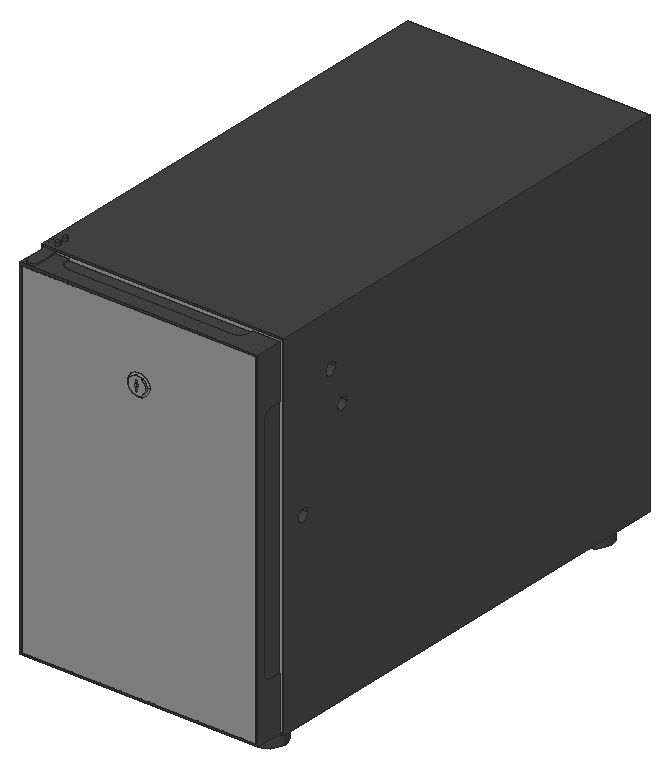
Revit family "Franke_Kühleinheit_KE200_EC-A200_MS_EC", category Sonderausstattung, Revit 2015
Parameters (values of type "Kühleinheit KE200 EC-A200 MS EC(230V/EU)")
  URL = "http://www.franke.com/main/de/cs/produkte/produktsuche/produktsuche.html#akCache=true&p=1&t=grid&f=cat14_3210"
  Tiefe = 453 mm
  Temperaturbereich = "+ 3°C bis + 8°C"
  Spannung = 230 V
  Sicherung = "10 A"
  Netzfrequenz alternativ = 60 Hz
  Netzfrequenz = 50 Hz
  Modell = "410862 - Kühleinheit KE200 EC - A200 MS EC"
  Milchvorrat = "4 l"
  Leistung = 82 W
  Kosten = 0
  Höhe = 337 mm
  Hersteller = "Franke"
  Energieverlust nach DIN18873 = "0.460 kWh/24 h - 230 V"
  Breite = 225 mm
  Beschreibung = "Beistellgerät Kühleinheit KE200 MS1 dient zum Aufbewahren von gekühlter Milch"
  Assembly Code = "Beistellgerät Kühleinheit "
  Keynote = "Beistellgerät Kühleinheit"
  Aufstellgewicht = "13 kg"
  Anzahl von Polen = 1
  Anzahl der Schutzleiter = "1"
  Anzahl der Nullleiter = "1"
Reference planes
  plane 1 "Mitte (Vorne/Hinten)": y = 0
  plane 2: z = 0
  plane 3 "Mitte (Links/Rechts)": x = 0
Forms (mm)
  Extrusion 1, solid, material "Franke Black"
    sketch origin (0, 0, 0) x (0, 1, 0) y (0, 0, 1)
      loop
        line (212.3, 356) -> (-212.3, 356) -> (-212.3, 26) -> (212.3, 26) -> (212.3, 356)
    from -112.5 to 112.5
  Extrusion 2, solid, material "Franke Stahl, verchromt"
    sketch origin (0, 0, 0) x (1, 0, 0) y (0, 0, 1)
      loop
        circle (0, 290.954) r 8
      loop
        arc (1, 294.954) -> (0.707, 295.662) -> (0, 295.954) r 1
        arc (0, 295.954) -> (-0.707, 295.662) -> (-1, 294.954) r 1
        line (-1, 294.954) -> (-1, 292.687)
        arc (-1, 292.687) -> (-2, 290.954) -> (-1, 289.222) r 2
        line (-1, 289.222) -> (-1, 286.954)
        arc (-1, 286.954) -> (-0.707, 286.247) -> (0, 285.954) r 1
        arc (0, 285.954) -> (0.707, 286.247) -> (1, 286.954) r 1
        line (1, 286.954) -> (1, 289.222)
        arc (1, 289.222) -> (2, 290.954) -> (1, 292.687) r 2
        line (1, 292.687) -> (1, 294.954)
    from 240.3 to 242.3
  Blend 3, solid, material "Franke Stahl, verchromt"
    base sketch origin (0, 0, 0) x (1, 0, 0) y (0, 0, 1)
      loop
        circle (0, 290.954) r 10
    top sketch origin (0, 0, 0) x (1, 0, 0) y (0, 0, 1)
      loop
        circle (0, 290.954) r 8
    from 240.3 to 241.3
  Extrusion 4, solid
    sketch origin (0, 0, 0) x (1, 0, 0) y (0, 0, 1)
      loop
        line (-105.863, 349.363) -> (-105.863, 32.637) -> (105.863, 32.637) -> (105.863, 349.363) -> (-105.863, 349.363)
    from 212.3 to 214.3
  Extrusion 5, solid, material "Franke Black"
    sketch origin (0, 0, 0) x (1, 0, 0) y (0, 1, 0)
      loop
        circle (-77.5, -185.7) r 10
      loop
        circle (-77.5, 193.3) r 10
      loop
        circle (77.5, -185.7) r 10
      loop
        circle (77.5, 193.3) r 10
    from 19 to 26
  Revolve 6, solid, material "Franke Black"
    sketch origin (-77.5, 0, 19) x (0, 1, 0) y (0, 0, 1)
      loop
        line (212.3, 252) -> (225.9, 252) -> (225.9, 262.5)
        arc (225.9, 262.5) -> (225.314, 263.914) -> (223.9, 264.5) r 2
        line (223.9, 264.5) -> (212.3, 264.5) -> (212.3, 252)
      axis (225.9, 252) -> (212.3, 252)
    angle from 0 to 360
  Extrusion 7, void
    sketch origin (0, 0, 19) x (0, 1, 0) y (0, 0, 1)
      loop
        circle (-158.312, 288.596) r 6
      loop
        circle (-144.81, 253.988) r 6
      loop
        circle (-190.311, 180.988) r 6
    from 102.5 to 127.226
  Extrusion 8, void
    sketch origin (0, 0, 19) x (1, 0, 0) y (0, 0, 1)
      loop
        line (60.953, 48.985) -> (60.953, 22.709) -> (92.574, 22.709) -> (92.574, 48.985) -> (60.953, 48.985)
    from -221.866 to -202.3
  Extrusion 9, solid, material "Franke Black"
    sketch origin (0, 0, 0) x (1, 0, 0) y (0, 1, 0)
      loop
        circle (-77.5, 193.3) r 15
      loop
        circle (77.5, 193.3) r 15
      loop
        circle (-77.5, -185.7) r 15
      loop
        circle (77.5, -185.7) r 15
    from 0 to 20
  Extrusion 10, solid, material "Franke Black"
    sketch origin (0, 0, 0) x (1, 0, 0) y (0, 0, 1)
      loop
        line (-110.5, 354) -> (-110.5, 28) -> (110.5, 28) -> (110.5, 354) -> (-110.5, 354)
      loop
        line (108.5, 352) -> (-108.5, 352) -> (-108.5, 30) -> (108.5, 30) -> (108.5, 352)
    from 214.3 to 240.3
  Extrusion 11, solid, material "Franke Edelstahl, gebürstet"
    sketch origin (0, 0, 0) x (1, 0, 0) y (0, 0, 1)
      loop
        line (-108.5, 352) -> (-108.5, 30) -> (108.5, 30) -> (108.5, 352) -> (-108.5, 352)
      loop
        circle (0, 290.954) r 10
    from 214.3 to 240.3
  Extrusion 12, void
    sketch origin (0, 0, 0) x (0, 1, 0) y (0, 0, 1)
      loop
        line (-212.3, 78) -> (-212.3, 304) -> (-223.8, 304)
        arc (-223.8, 304) -> (-230.871, 301.071) -> (-233.8, 294) r 10
        line (-233.8, 294) -> (-233.8, 88)
        arc (-233.8, 88) -> (-230.871, 80.929) -> (-223.8, 78) r 10
        line (-223.8, 78) -> (-212.3, 78)
    from 109.5 to 123.031
  Extrusion 13, void
    sketch origin (0, 0, 0) x (0, 1, 0) y (0, 0, -1)
      loop
        line (-212.3, -78) -> (-223.8, -78)
        arc (-223.8, -78) -> (-230.871, -80.929) -> (-233.8, -88) r 10
        line (-233.8, -88) -> (-233.8, -294)
        arc (-233.8, -294) -> (-230.871, -301.071) -> (-223.8, -304) r 10
        line (-223.8, -304) -> (-212.3, -304) -> (-212.3, -78)
    from 109.5 to 123.031
  Extrusion 14, void
    sketch origin (0, 0, 0) x (1, 0, 0) y (0, 1, 0)
      loop
        line (-85.5, -212.3) -> (-85.5, -217.3)
        arc (-85.5, -217.3) -> (-82.571, -224.371) -> (-75.5, -227.3) r 10
        line (-75.5, -227.3) -> (75.5, -227.3)
        arc (75.5, -227.3) -> (82.571, -224.371) -> (85.5, -217.3) r 10
        line (85.5, -217.3) -> (85.5, -212.3) -> (-85.5, -212.3)
    from 353 to 371.405
  Extrusion 15, void
    sketch origin (0, 0, -342.405) x (0, -1, 0) y (1, 0, 0)
      loop
        line (212.3, -85.5) -> (217.3, -85.5)
        arc (217.3, -85.5) -> (224.371, -82.571) -> (227.3, -75.5) r 10
        line (227.3, -75.5) -> (227.3, 75.5)
        arc (227.3, 75.5) -> (224.371, 82.571) -> (217.3, 85.5) r 10
        line (217.3, 85.5) -> (212.3, 85.5) -> (212.3, -85.5)
    from 353 to 371.405
  Extrusion 16, void
    sketch origin (0, 0, 0) x (1, 0, 0) y (0, 0, 1)
      loop
        line (111.5, 355) -> (-111.5, 355) -> (-111.5, 27) -> (111.5, 27) -> (111.5, 355)
    from 199.527 to 273.235
  Extrusion 17, solid, material "Franke Kunststoff, undurchsichtig weiß"
    sketch origin (0, 0, 0) x (1, 0, 0) y (0, 0, 1)
      loop
        line (-111.5, 355) -> (-111.5, 27) -> (111.5, 27) -> (111.5, 355) -> (-111.5, 355)
    from 199.527 to 212.3
  Extrusion 18, solid, material "Franke Black"
    sketch origin (0, 0, 0) x (1, 0, 0) y (0, 1, 0)
      loop
        arc (-108.5, -233.3) -> (-103.5, -238.3) -> (-98.5, -233.3) r 5
        line (-98.5, -233.3) -> (-98.5, -212.3) -> (-108.5, -212.3) -> (-108.5, -233.3)
    from 354 to 355
  Extrusion 19, solid, material "Franke Black"
    sketch origin (0, 0, 0) x (1, 0, 0) y (0, 1, 0)
      loop
        circle (-103.5, -205.3) r 2
      loop
        circle (-103.5, -196.3) r 2
    from 356 to 358.5
  Extrusion 20, solid, material "Franke Black"
    sketch origin (0, 0, -327) x (0, -1, 0) y (1, 0, 0)
      loop
        arc (233.3, -108.5) -> (238.3, -103.5) -> (233.3, -98.5) r 5
        line (233.3, -98.5) -> (212.3, -98.5) -> (212.3, -108.5) -> (233.3, -108.5)
    from 354 to 355
  Extrusion 21, solid, material "Franke Black"
    sketch origin (0, 0, 0) x (1, 0, 0) y (0, 1, 0)
      loop
        circle (0, 174.198) r 2.5
    from 20 to 26
Cuts and joins
  Extrusion 7, Extrusion 8, Extrusion 16 cuts Extrusion 1
  Extrusion 12, Extrusion 13, Extrusion 14, Extrusion 15 cuts Extrusion 10
Dimensions and locks
  aligned and locked: level to plane 2
Connectors
  electrical at (0, 174.198, 20), driven by "Spannung", driven by "Anzahl von Polen"
    settings: on Extrusion 21, index 1, voltage 230 V, apparent load 0 VA, apparent load phase1 0 VA, apparent load phase2 0 VA, apparent load phase3 0 VA, power factor 1, load classification "Strom", number of poles 1, system type 31, power factor state 1, is connector primary yes, connector utility no, sub classification motor no, connector description ""
